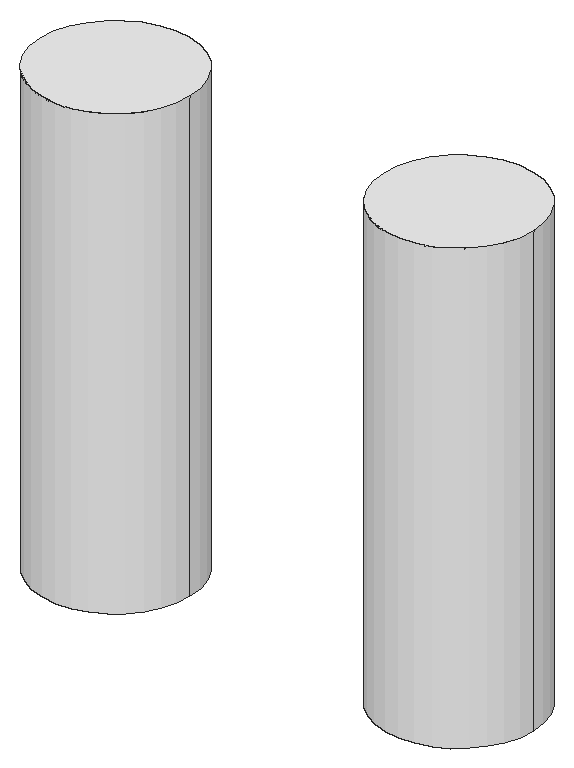
Revit family "92012219(2023)", category Plumbing Fixtures, Revit 2020
Family settings
  Round Connector Dimension = Use Diameter
  Part Type = Normal
  OmniClass Number = 23.45.55.00
  OmniClass Title = Sanitary Faucets, Wastes
  Work Plane-Based = No
  Always vertical = Yes
  Cut with Voids When Loaded = No
  Shared = No
  Room Calculation Point = No
Parameters (values of type "92012219 Washbasin faucet, 3 V, Bluetooth")
  Working Pressure = "100 - 1000 kPa"
  WarrantyStartDate [instance] = "n/a"
  WarrantyGuarantorParts = "n/a"
  WarrantyGuarantorLabor = "n/a"
  WarrantyDurationUnit = "Year"
  WarrantyDurationParts = "n/a"
  WarrantyDurationLabor = "n/a"
  WarrantyDescription = "http://warranty.hansa.com"
  Warranty Information URL = "http://warranty.hansa.com"
  VersionDate = "01/06/2023"
  Version = "1"
  ValvePattern = "n/a"
  ValveOperation = "n/a"
  ValveMechanism = "n/a"
  Uniclass2015Reference = "Pr_40_20_87_96"
  Uniclass2015Description = "Washbasin manual water supply sets"
  Uniclass2 = "Pr_40_30_96_96"
  URL WEEE = "http://static.hansa.com/WEEE/92012219"
  URL UWL = "http://static.hansa.com/UWL/92012219"
  URL REACH = "http://static.hansa.com/doc/reach"
  URL EcoLabel Declaration = "http://static.hansa.com/doc/EcoLabel"
  URL EU Packaging Declaration = "http://static.hansa.com/doc/packaging"
  URL Declaration of SCIP = "http://static.hansa.com/doc/SCIP"
  URL Declaration of Conformity = "http://static.hansa.com/DoC/92012219"
  URL Declaration of Asbestos = "http://static.hansa.com/doc/asbestos"
  URL Declaration Of Performance (DOP) = "http://static.hansa.com/doc/DoP"
  URL = ""
  UNSPSC Class Number = "30181700 Faucets or taps"
  Type Comments = ""
  TestPressure = "n/a"
  Technical DataSheet URL = "http://www.hansa.com/datasheet/92012219/en"
  TagNumber [instance] = "n/a"
  SustainabilityPerformance = "n/a"
  Surface treatment = "Chrome"
  Spout Type = "Fixed spout"
  Spout Projection = "117 mm"
  Size = "55x165x135 mm"
  Shape = "Sculptured"
  SerialNumber [instance] = "n/a"
  Sales Package dimensions (LxWxH) = "284 x 191 x 83.5"
  Revision = "n/a"
  ReplacementCost = "n/a"
  Protection Class = "IP 55"
  ProductInformation = "n/a"
  Product URL = "http://static.hansa.com/92012219"
  Product Image URL = "http://static.hansa.com/image/92012219"
  Product Family = "HANSAELECTRA "
  Product Code = "92012219"
  OperatingMechanismMaterial = "n/a"
  Operating Voltage = 39 V
  Operating Distance = "20-130 mm (110/130/160 mm)"
  NominalWidth = 54.609 mm
  NominalHeight = 135.012 mm
  NominalDepth = 163.081 mm
  Noise Class = "I (ISO 3822) "
  Name_en = "92012219 Washbasin faucet, 3 V, Bluetooth"
  Name = "92012219 Washbasin faucet, 3 V, Bluetooth"
  NBSReference = "45-35-70/371"
  NBSDescription = "Water supply fittings for wash basins and troughs"
  Mounting Holes = "1 hole"
  ModelReference = "92012219"
  ModelNumber = "n/a"
  Model = "92012219 Washbasin faucet, 3 V, Bluetooth"
  Mobile Product Information URL = "http://mpi.hansa.com/92012219"
  Mechanical Parts = "Non-return valve(s);Litter filter(s)"
  Max. Hot Water Supply = 70 °C
  Max Flow Period = "2 min (1 - 1800 s)"
  Material = "Composite"
  Market = "International;Germany;Austria;Switzerland;Belgium;Netherlands;Italy"
  ManufacturerURL = "http://www.hansa.com"
  ManufacturerName = "HANSA"
  Manufacturer = "HANSA"
  Long Marketing = "Electra 92 series is giving you a whole new modern design with its rounded square body and spout. Giving you new fresh and updated design.\nDesign compliments the new trends of the modern bathroom with its more squared design.\n\nKey Features\nAerator with Tilt function +/- 10° for more flexible installation\nNewest Sensor technology for better detection and operation comfort\nBluetooth technology for easy adjustment to personalize settings \nBattery and power cable"
  Keynote = ""
  InstallationDate [instance] = "n/a"
  Installation Type = "Deck mounted"
  InletConnectionSize = 10 mm
  IfcExportType = "FAUCET"  # constant formula
  IfcExportAs = "IfcValveType"  # constant formula
  Group = "Washbasin faucet"
  Grade = "n/a"
  FlowCoefficient = 0
  Flow Rate At 300kPa With Flow Controller = 0.09 L/s
  Flow Drawing URL = "http://static.hansa.com/flowchart/92012219"
  Finish = "Polished"
  Features = "Touchless;Battery-operated;External transformer;Bluetooth®;Lead free"
  FaucetMainMaterial = Brass
  FDV Document URL = "http://www.hansa.com/datasheet/92012219/en/fdv"
  ExpectedLife = "n/a"
  Electronic Parts = ";Light indicated function(s);Low battery indicator"
  Electrical Connection = "9 V"
  ETIM Class Number = "EC010340 Electronic tap"
  EN Standard = "EN 15091"
  EMC Directive = "2014/53/EU , 2011/65/EU"
  EAN Number = "4057304019340"
  DurationUnit = "Year"
  Dimension Drawing URL = "http://static.hansa.com/dimdrw/92012219"
  Description = ""
  DefaultElevation [instance] = 900 mm
  Default Elevation = 0 mm
  Constituents = "n/a"
  Connection Size = "G3/8"
  Connection = "Flexible inlet pipes;One inlet for cold or premixed water"
  Color = "Chrome"
  CodePerformance = "n/a"
  CloseOffRating = 0
  Catalog Drawing URL = "http://static.hansa.com/catdrw/92012219"
  CO2 Emissions (D) = -0.69
  CO2 Emissions (C4) = 0.87
  CO2 Emissions (C3) = 0
  CO2 Emissions (C2) = 0.01
  CO2 Emissions (C1) = 0
  CO2 Emissions (B7) = 930
  CO2 Emissions (A4) = 0.14
  CO2 Emissions (A1-A3) = 3.65
  Brand = "HANSA"
  BodyMaterial = "Brass"
  Bluetooth = "5.x (D060576)"
  Battery = "AA 1.5 V Lithium x 2"
  Barcode [instance] = "n/a"
  Backflow Prevention EN1717 = "EB"
  BIMObjectName = "92012219(2023)"
  Automatic Flush Period = "30 s (1-1800 s)"
  Automatic Flush Frequency = "off (off/1-120 h)"
  Author = "BIMStone"
  AssetType = "Fixed"
  AssetIdentifier [instance] = "n/a"
  Afterflow Period = "3 s (1-20 s)"
  Aerator = "PCA® - constant flow rate regardless of pressure variations;Adjustable flow angle"
  Advanced Features = "3S-installation system for safe and simple mounting"
  AccessibilityPerformance = "n/a"
  2D/3D/BIM Files URL = "http://static.hansa.com/bim/92012219"
Reference planes
  plane 1 "Center (Front/Back)": y = 0
  plane 2: z = 0
  plane 3 "Center (Left/Right)": x = 0
  plane 4: x = -27.304
  plane 5: z = 900
  plane 6: z = 870
  plane 7: y = -163.081
  plane 8: x = 27.304
  plane 9: z = 1035.012
Forms (mm)
  Extrusion 1, solid, material "Brass" <- "FaucetMainMaterial"
    sketch origin (0, -2.393, 0) x (1, 0, 0) y (0, 1, 0)
      loop
        circle (-11.5, -22.5) r 5
      loop
        circle (11.5, -22.5) r 5
    from 870 to 900
Dimensions and locks
  "DefaultElevation": plane 5 to level
  locked: plane 5 to plane 6 at 30
  "NominalDepth": plane 7 to plane 1 "Center (Front/Back)"
  equal spacing: plane 4, plane 3 "Center (Left/Right)", plane 8
  "NominalHeight": plane 9 to plane 5
  "NominalWidth": plane 4 to plane 8
  "InletConnectionSize": diameter of Extrusion 1 sketch curve  (x2)
  aligned and locked: level to plane 2
  aligned and locked: plane 5 to Extrusion 1
  aligned and locked: Extrusion 1 to plane 6
  aligned and locked: plane 1 "Center (Front/Back)" to nested 2
  aligned and locked: plane 3 "Center (Left/Right)" to nested 2
  aligned and locked: plane 3 "Center (Left/Right)" to nested 1
  aligned and locked: plane 1 "Center (Front/Back)" to nested 1
  aligned and locked: plane 5 to nested 2
Automatic sketch dimensions
  Extrusion 1 sketch curve to plane 3 "Center (Left/Right)" = 11.5 mm
  plane 3 "Center (Left/Right)" to Extrusion 1 sketch curve = 11.5 mm
  plane 1 "Center (Front/Back)" to Extrusion 1 sketch curve = 24.893 mm
  Extrusion 1 sketch curve to Extrusion 1 sketch curve = 0 mm
Nested families
  nested 1: "Symbol" at (0, 0, 0), type "Symbol", detail levels coarse
  nested 2: "92012219(2023)_Body" at (0, 0, 900), Material <- "FaucetMainMaterial", type "92012219(2023)_Body"
    with Material Brass
Connectors
  piping at (-11.5, -24.893, 870), diameter 10, driven by "InletConnectionSize"
    settings: on Extrusion 1, index 1, connector inside diameter 609.6 mm, connector length 0 mm, flow factor 0, pipe flow 0.2 L/s, pressure drop 0.0 Pa, fitting loss kfactor 0, connector angle 0.00°, fixture units 0, engagement length 0 mm, angle of deflection 0.00°, flow configuration 1, flow direction 1, fitting loss method 0, system type 19, joint type 0, gender type 0, connector reference index -1, connector utility 0, adjustable connector no, is connector primary yes, connector description ""
  piping at (11.5, -24.893, 870), diameter 10, driven by "InletConnectionSize"
    settings: on Extrusion 1, index 2, connector inside diameter 609.6 mm, connector length 0 mm, flow factor 0, pipe flow 0.2 L/s, pressure drop 0.0 Pa, fitting loss kfactor 0, connector angle 0.00°, fixture units 0, engagement length 0 mm, angle of deflection 0.00°, flow configuration 1, flow direction 1, fitting loss method 0, system type 20, joint type 0, gender type 0, connector reference index -1, connector utility 0, adjustable connector no, is connector primary no, connector description ""
Definition of nested family "Symbol"
  Reference planes
    plane 1: y = 0
    plane 2: x = 0
  Lines and regions (mm)
    detail lines
      curve 1: line (0, 0, 0) -> (0, -1.8, 0)
      curve 2: line (-0.4, -1.1, 0) -> (0.4, -1.1, 0)
      curve 3: line (-0.4, -1.4, 0) -> (0.4, -1.4, 0)
      curve 4: line (0.863, 0, 0) -> (-0.863, 0, 0)
      curve 5: circle (-1.163, 0, 0) r 0.3 normal (0, 0, -1)
      curve 6: circle (1.163, 0, 0) r 0.3 normal (0, 0, 1)
